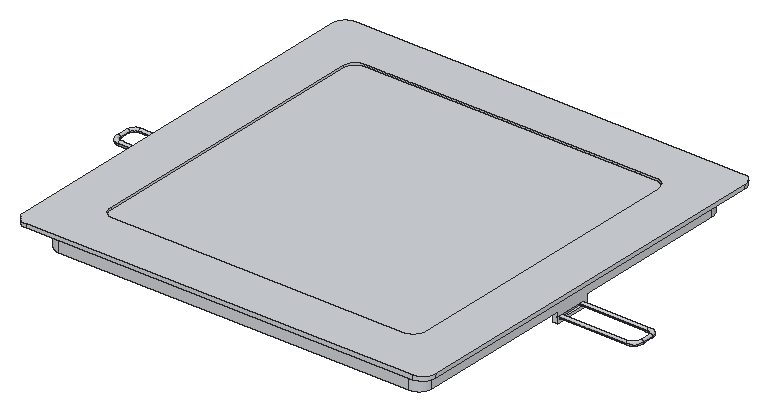
Revit family "0053943", category Lighting Fixtures, host Face, Revit 2017
Family settings
  Host = Face
  Round Connector Dimension = Use Diameter
  Part Type = Normal
  OmniClass Number = 23.80.70.00
  OmniClass Title = Lighting
  Cut with Voids When Loaded = No
  Light Source = Yes
  Shared = No
  Room Calculation Point = No
Parameters (values of type "0053943 ST E DWNLGHT FLT 206 SQ IP44 1700 840 D")
  Weight = "5.57 kg"
  Wattage Comments = ""
  Wattage = 17 W
  WarrantyStartDate [instance] = "n/a"
  WarrantyGuarantorParts = "n/a"
  WarrantyDurationUnit = "n/a"
  WarrantyDurationParts = "n/a"
  WarrantyDescription = "n/a"
  built-in parameter 1150110 = 1 (stored number, unit not read)
  Voltage = 0 V
  URL = "http://www.sylvania-lighting.com"
  TypeName = "ST eco Downlight Flat 206 Sq IP44 1700lm 840 DIM"
  Type Image = <None>
  Type Comments = "n/a"
  built-in parameter 1114217 = 1 (stored number, unit not read)
  Tilt Angle = -90.00°
  built-in parameter 1150109 = 1 (stored number, unit not read)
  built-in parameter 1150134 = 12
  built-in parameter 1150113 = 1 (stored number, unit not read)
  SerialNumber [instance] = "n/a"
  Photometric Web File = "0053943.ies"
  Material_3_SYL = none
  PowerFactor = 0.9
  PowerConsumption = "17 W"
  NominalLength = 226 mm
  NominalHeight = 21 mm
  NominalDepth = 226 mm
  Name = "ST eco Downlight Flat 206 Sq IP44 1700lm 840 DIM"
  ModelReference = Name  # "ST eco Downlight Flat 206 Sq IP44 1700lm 840 DIM"
  ModelNumber = "0053943"
  Model = Name  # "ST eco Downlight Flat 206 Sq IP44 1700lm 840 DIM"
  Material = "aluminium housing, other diffuser"
  ManufacturerName = "Feilo Sylvania"
  Manufacturer = "Feilo Sylvania"
  LuminousEfficacy = "100 lm/W"
  built-in parameter 1150105 = 135.28 (stored number, unit not read)
  Lumens = 1700 lm
  LuminaireType = ""
  built-in parameter 1150115 = 1 (stored number, unit not read)
  LightOutputRatio = "n/a"
  built-in parameter 1150137 = (empty or 0)
  built-in parameter 1150139 = (empty or 0)
  LampsType = Lamp  # "LED"
  LampNominalLuminous = "1700 lm"
  LampMacAdamStep = "5"
  LampColourTemperature = "4000 K"
  LampColourRenderingIndex = "80"
  built-in parameter 1150112 = 1 (stored number, unit not read)
  built-in parameter 1150114 = 1 (stored number, unit not read)
  Lamp = "LED"
  LUM2_SYL = 113 mm
  LUM1_SYL = 103 mm
  Keynote = "16500"
  InstallationDate [instance] = "n/a"
  InputVoltage = "n/a"
  InputNominalFrequency = "n/a"
  built-in parameter 1150132 = (empty or 0)
  built-in parameter 1150102 = (empty or 0)
  built-in parameter 1150107 = 4000 (stored number, unit not read)
  built-in parameter 1150138 = (empty or 0)
  IngressProtection = "IP44/20"
  ImpactProtectionIndex = "IK06"
  built-in parameter 1150106 = 1.3528 (stored number, unit not read)
  IfcExportType = "IfcLightFixtureType"
  IfcExportAs = "IfcLightFixtureType"
  Emit from Circle Diameter = 609.6 mm
  Emit Shape Visible in Rendering = no
  ElectricShockClassification = "Class II"
  built-in parameter 1150104 = 9.2903 (stored number, unit not read)
  DocumentationLiterature = "http://www.sylvania-lighting.com/product/en-int/products/0053943"
  DimmingControlOptions = "n/a"
  Material_2_SYL = none
  Dimming Lamp Color Temperature Shift = <None>
  Description = "START eco Downlight Flat IP44 DIM is an integrated LED recessed downlight with separated phase dimmable driver; 17W; 1700Lm; 100Lm/W; 4000K; IP44 rated from the front; 30,000hrs (L70B50)."
  Default Elevation = 1219.2 mm
  DIF_SYL = 86.5 mm
  CreatedOn = "8/6/2020"
  CreatedBy = "@sylvania-lighting.com"
  Cost = 0
  Color Filter = 16777215
  built-in parameter 1114216 [instance] = (empty or 0)
  ClassificationValue = "EF_70_80"
  ClassificationName = "Uniclass2015"
  Material_1_SYL = none
  CLIP_HOLE_SYL = 2.5 mm
  CLIP_HOLE_HE_SYL = 9 mm
  CLIP_CUTOUT_SYL = 19 mm
  CLIPH_WIDTH_SYL = 10 mm
  CLIPH_DIS_SYL = 100.5 mm
  BarCode [instance] = "n/a"
  built-in parameter 1114218 = 1 (stored number, unit not read)
  built-in parameter 1150133 = 10 (stored number, unit not read)
  AssetType = "Fixed"
  AssetIdentifier [instance] = "n/a"
  Assembly Code = "D5020200"
  Apparent Load = 17 VA
  Material_4_SYL = none
Types (2, lengths in mm): name | TypeName | built-in parameter 1150134 | Photometric Web File | Name | ModelReference | ModelNumber | Model | LuminousEfficacy | built-in parameter 1150105 | Lumens | LampNominalLuminous | LampColourTemperature | built-in parameter 1150107 | built-in parameter 1150106 | built-in parameter 1150104 | DocumentationLiterature | Description
  0053939 ST E DWNLGHT FLT 206 SQ IP44 1650 830 D | "ST eco Downlight Flat 206 Sq IP44 1650lm 830 DIM" | (empty or 0) | "0053939.ies" | "ST eco Downlight Flat 206 Sq IP44 1650lm 830 DIM" | "ST eco Downlight Flat 206 Sq IP44 1650lm 830 DIM" | "53939" | "ST eco Downlight Flat 206 Sq IP44 1650lm 830 DIM" | "97 lm/W" | 131.22 (stored number, unit not read) | 1649 lm | "1650 lm" | "3000 K" | 3000 (stored number, unit not read) | 1.3122 (stored number, unit not read) | 9.0116 (stored number, unit not read) | "http://www.sylvania-lighting.com/product/en-int/products/0053939" | "START eco Downlight Flat IP44 DIM is an integrated LED recessed downlight with separated phase dimmable driver; 17W; 1650Lm; 97Lm/W; 3000K; IP44 rated from the front; 30,000hrs (L70B50)."
  0053943 ST E DWNLGHT FLT 206 SQ IP44 1700 840 D | "ST eco Downlight Flat 206 Sq IP44 1700lm 840 DIM" | 12 | "0053943.ies" | "ST eco Downlight Flat 206 Sq IP44 1700lm 840 DIM" | "ST eco Downlight Flat 206 Sq IP44 1700lm 840 DIM" | "0053943" | "ST eco Downlight Flat 206 Sq IP44 1700lm 840 DIM" | "100 lm/W" | 135.28 (stored number, unit not read) | 1700 lm | "1700 lm" | "4000 K" | 4000 (stored number, unit not read) | 1.3528 (stored number, unit not read) | 9.2903 (stored number, unit not read) | "http://www.sylvania-lighting.com/product/en-int/products/0053943" | "START eco Downlight Flat IP44 DIM is an integrated LED recessed downlight with separated phase dimmable driver; 17W; 1700Lm; 100Lm/W; 4000K; IP44 rated from the front; 30,000hrs (L70B50)."
Reference planes
  plane 1 "Center (Front/Back)": y = 0
  plane 2: z = 0
  plane 3 "Center (Left/Right)": x = 0
  plane 4: x = 113
  plane 5: x = -113
  plane 6: y = 113
  plane 7: y = -113
  plane 8: x = 103
  plane 9: x = -103
  plane 10: y = 103
  plane 11: y = -103
  plane 12: x = -86.5
  plane 13: x = 86.5
  plane 14: y = 86.5
  plane 15: y = -86.5
  plane 16: y = 10
  plane 17: y = -10
  plane 18: x = -100.5
  plane 19: x = 100.5
  plane 20: z = -19
  plane 21: y = 9
  plane 22: y = -9
  plane 23: z = -16.5
Forms (mm)
  Extrusion 1, solid
    sketch origin (0, 0, 0) x (1, 0, 0) y (0, 1, 0)
      loop
        arc (-106, 113) -> (-110.95, 110.95) -> (-113, 106) r 7
        line (-113, 106) -> (-113, -106)
        arc (-113, -106) -> (-110.95, -110.95) -> (-106, -113) r 7
        line (-106, -113) -> (106, -113)
        arc (106, -113) -> (110.95, -110.95) -> (113, -106) r 7
        line (113, -106) -> (113, 106)
        arc (113, 106) -> (110.95, 110.95) -> (106, 113) r 7
        line (106, 113) -> (-106, 113)
    from -1 to 1
  Extrusion 2, void
    sketch origin (0, 0, 0) x (1, 0, 0) y (0, 1, 0)
      loop
        arc (-79.5, 86.5) -> (-84.45, 84.45) -> (-86.5, 79.5) r 7
        line (-86.5, 79.5) -> (-86.5, -79.5)
        arc (-86.5, -79.5) -> (-84.45, -84.45) -> (-79.5, -86.5) r 7
        line (-79.5, -86.5) -> (79.5, -86.5)
        arc (79.5, -86.5) -> (84.45, -84.45) -> (86.5, -79.5) r 7
        line (86.5, -79.5) -> (86.5, 79.5)
        arc (86.5, 79.5) -> (84.45, 84.45) -> (79.5, 86.5) r 7
        line (79.5, 86.5) -> (-79.5, 86.5)
    from 0 to 10
  Extrusion 3, solid
    sketch origin (0, 0, 0) x (1, 0, 0) y (0, 1, 0)
      loop
        arc (-96, 103) -> (-100.95, 100.95) -> (-103, 96) r 7
        line (-103, 96) -> (-103, -96)
        arc (-103, -96) -> (-100.95, -100.95) -> (-96, -103) r 7
        line (-96, -103) -> (96, -103)
        arc (96, -103) -> (100.95, -100.95) -> (103, -96) r 7
        line (103, -96) -> (103, 96)
        arc (103, 96) -> (100.95, 100.95) -> (96, 103) r 7
        line (96, 103) -> (-96, 103)
    from -14 to -1
  Extrusion 4, solid
    sketch origin (0, 0, 0) x (1, 0, 0) y (0, 1, 0)
      loop
        line (-100.5, 10) -> (-103, 10) -> (-103, -10) -> (-100.5, -10) -> (-100.5, 10)
      loop
        line (103, 10) -> (100.5, 10) -> (100.5, -10) -> (103, -10) -> (103, 10)
    from -20 to -1
  Extrusion 5, void
    sketch origin (319, 1524, 1219.2) x (0, 1, 0) y (0, 0, 1)
      loop
        line (-1515, -1235.7) -> (-1533, -1235.7) -> (-1533, -1238.2) -> (-1515, -1238.2) -> (-1515, -1235.7)
    from -446.975 to -174.5
  Sweep 6, solid
    path origin (33.495, -2.046, -2.116) x (-1, 0, 0) y (0, -1, 0)
      loop
        line (-106, -9.306) -> (-68, -9.306) -> (-68, 4.922) -> (-106, 4.922)
        arc (-106, 4.922) -> (-108.828, 3.75) -> (-110, 0.922) r 4
        line (-110, 0.922) -> (-110, -5.306)
        arc (-110, -5.306) -> (-108.828, -8.135) -> (-106, -9.306) r 4
    profile origin (120.495, 7.26, -2.116) x (0, -1, 0) y (0, 0, 1)
      loop
        circle (0, -15.572) r 0.967
  Sweep 7, solid
    path origin (-33.495, -2.046, -2.163) x (1, 0, 0) y (0, 1, 0)
      loop
        arc (-106, 9.306) -> (-108.828, 8.135) -> (-110, 5.306) r 4
        line (-110, 5.306) -> (-110, -0.922)
        arc (-110, -0.922) -> (-108.828, -3.75) -> (-106, -4.922) r 4
        line (-106, -4.922) -> (-68, -4.922) -> (-68, 9.306) -> (-106, 9.306)
    profile origin (-120.495, 7.26, -2.163) x (0, 1, 0) y (0, 0, 1)
      loop
        circle (0, -15.572) r 0.967
Cuts and joins
  Extrusion 2 cuts Extrusion 1
  Extrusion 5 cuts Extrusion 4
  joined: Extrusion 3, Extrusion 4
Dimensions and locks
  "LUM2_SYL": plane 5 to plane 3 "Center (Left/Right)" to plane 4
  "LUM2_SYL": plane 7 to plane 1 "Center (Front/Back)" to plane 6
  "LUM1_SYL": plane 11 to plane 1 "Center (Front/Back)" to plane 10
  "LUM1_SYL": plane 9 to plane 3 "Center (Left/Right)" to plane 8
  "DIF_SYL": plane 12 to plane 3 "Center (Left/Right)" to plane 13
  "DIF_SYL": plane 15 to plane 1 "Center (Front/Back)" to plane 14
  "CLIPH_WIDTH_SYL": plane 17 to plane 1 "Center (Front/Back)" to plane 16
  "CLIPH_DIS_SYL": plane 18 to plane 3 "Center (Left/Right)" to plane 19
  "CLIP_CUTOUT_SYL": plane 20 to imposter light
  "CLIP_HOLE_HE_SYL": plane 21 to plane 1 "Center (Front/Back)" to plane 22
  "CLIP_HOLE_SYL": plane 20 to plane 23
  aligned and locked: plane 2 to host face
  aligned and locked: level to host face
  aligned and locked: plane 6 to Extrusion 1 sketch curve
  aligned and locked: plane 5 to Extrusion 1 sketch curve
  aligned and locked: Extrusion 1 sketch curve to plane 7
  aligned and locked: Extrusion 1 sketch curve to plane 4
  aligned and locked: plane 14 to Extrusion 2 sketch curve
  aligned and locked: plane 12 to Extrusion 2 sketch curve
  aligned and locked: Extrusion 2 sketch curve to plane 15
  aligned and locked: Extrusion 2 sketch curve to plane 13
  aligned and locked: plane 10 to Extrusion 3 sketch curve
  aligned and locked: plane 9 to Extrusion 3 sketch curve
  aligned and locked: Extrusion 3 sketch curve to plane 11
  aligned and locked: Extrusion 3 sketch curve to plane 8
  aligned and locked: Extrusion 3 to cut or joined group of Extrusion 1, Extrusion 2
  aligned and locked: Extrusion 4 sketch curve to plane 16  (x2)
  aligned and locked: plane 18 to Extrusion 4 sketch curve
  aligned and locked: plane 17 to Extrusion 4 sketch curve  (x2)
  aligned and locked: Extrusion 4 sketch curve to plane 9
  aligned and locked: plane 8 to Extrusion 4 sketch curve
  aligned and locked: plane 19 to Extrusion 4 sketch curve
  aligned and locked: Extrusion 5 sketch curve to plane 23
  aligned and locked: Extrusion 5 sketch curve to plane 21
  aligned and locked: plane 20 to Extrusion 5 sketch curve
  aligned and locked: plane 22 to Extrusion 5 sketch curve
  aligned and locked: cut or joined group of Extrusion 3, Extrusion 4, Extrusion 5 to Sweep 6
  aligned and locked: cut or joined group of Extrusion 3, Extrusion 4, Extrusion 5 to Sweep 7
Automatic sketch dimensions
  host sketch curve to host sketch curve = 2438.4 mm  (x2)
  Extrusion 1 sketch curve to plane 9 = 3 mm  (x2)
  plane 8 to Extrusion 1 sketch curve = 3 mm  (x2)
  plane 12 to Extrusion 2 sketch curve = 7 mm  (x2)
  Extrusion 2 sketch curve to plane 13 = 7 mm
  Extrusion 2 sketch curve to Extrusion 2 sketch curve = 7 mm
  plane 9 to Extrusion 3 sketch curve = 7 mm  (x2)
  plane 13 to Extrusion 3 sketch curve = 9.5 mm
  Extrusion 3 sketch curve to plane 8 = 7 mm
  plane 1 "Center (Front/Back)" to Sweep 6 sketch curve = 2.968 mm
  plane 4 to Sweep 6 sketch curve = 30.495 mm
  Sweep 6 sketch curve to plane 22 = 2.032 mm
  Sweep 6 sketch curve to Sweep 6 sketch curve = 4 mm
  Sweep 6 sketch curve to plane 19 = 0.995 mm
  Sweep 6 sketch curve to plane 1 "Center (Front/Back)" = 3.26 mm
  Sweep 6 sketch curve to profile plane = 0 mm
  Sweep 6 sketch curve to profile plane = 15.572 mm
  plane 1 "Center (Front/Back)" to Sweep 7 sketch curve = 2.968 mm
  Sweep 7 sketch curve to plane 5 = 30.495 mm
  Sweep 7 sketch curve to plane 22 = 2.032 mm
  Sweep 7 sketch curve to Sweep 7 sketch curve = 4 mm
  Sweep 7 sketch curve to plane 18 = 0.995 mm
  Sweep 7 sketch curve to plane 1 "Center (Front/Back)" = 3.26 mm
  Sweep 7 sketch curve to profile plane = 0 mm
  Sweep 7 sketch curve to profile plane = 15.572 mm
  radius of Sweep 6 sketch curve = 0.967 mm
  radius of Sweep 7 sketch curve = 0.967 mm
